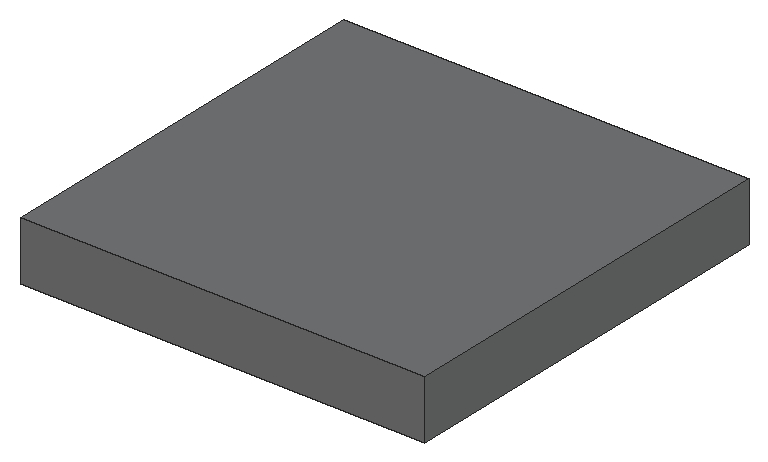
Revit family "Gira_0285005", category Electrical Fixtures, host Face, Revit 2017
Family settings
  Host = Face
  Maintain Annotation Orientation = No
  Round Connector Dimension = Use Diameter
  Part Type = Normal
  Cut with Voids When Loaded = No
  Shared = No
  Room Calculation Point = No
Parameters (values of type "Wippe Symb. Licht System 55 Schwarz m")
  Werkstoffgüte = "Thermoplast"
  Werkstoff = "Kunststoff"
  Verwendung = "Schalter/Taster"
  URL = "http://katalog.gira.de/de_DE/datenblatt.html?artikelnr=0285005"
  Region = "DE"
  Oberfläche = "sonstige"
  Name = "Wippe Symb. Licht System 55 Schwarz m"
  Mit austauschbarer Linse/Symbol = "No"
  Mit Beschriftungsfeld = "No"
  Manufacturer URL = "https://www.gira.de/"
  Kontrollfenster/Lichtauslass = "No"
  Keynote = "Sys55_Abdeckung_Schalten und Tasten"
  HeinzeBIM = "https://bimportal.heinze.de/bim/wippe-symb-licht-system-55-schwarz-m/ef81ffb1eeaf3015b0cc95e320194e1ff9076dbe"
  Halogenfrei = "Yes"
  HAN = "0285005"
  Geeignet für Schutzart (IP) = "IP20"
  Geeignet für Bussystem-Tasterankopplung = "No"
  GTIN = "4010337038276"
  Farbe = "schwarz"
  Default Elevation = 1219.2 mm
  Data sheet (1) = "https://katalog.gira.de/de_DE/download.html?artikelnr=0285005"
  Category = "Abdeckung/Bedienelement für Installationsschalterprogramme"
  Befestigungsart = "Klemmbefestigung"
  Available = "Yes"
  Ausführung der Oberfläche = "matt"
  Ausführung = "einteilige Wippe"
  Aufdruck/Kennzeichnung = "Symbol \"Licht\""
  Anthrazit [instance] = Anthrazit
  Abtastbares Symbol/barrierefrei = "No"
Reference planes
  plane 1 "Center (Front/Back)": y = 0
  plane 2: z = 0
  plane 3 "Center (Left/Right)": x = 0
Forms (mm)
  Extrusion 1, solid, material "Anthrazit" <- "Anthrazit", detail levels fine
    sketch origin (0, 0, 0) x (1, 0, 0) y (0, 1, 0)
      loop
        line (-27.5, 27.5) -> (-27.5, -27.5) -> (27.5, -27.5) -> (27.5, 27.5) -> (-27.5, 27.5)
    from 0 to 8
  Extrusion 2, void
    sketch origin (0, 0, 0) x (1, 0, 0) y (0, 1, 0)
      loop
        line (26, 26) -> (-26, 26) -> (-26, -26) -> (26, -26) -> (26, 26)
    from 0 to 6
  Extrusion 3, solid, material "Anthrazit" <- "Anthrazit", detail levels medium
    sketch origin (0, 0, 0) x (1, 0, 0) y (0, 1, 0)
      loop
        line (-27.5, 27.5) -> (-27.5, -27.5) -> (27.5, -27.5) -> (27.5, 27.5) -> (-27.5, 27.5)
    from 0 to 8
  Extrusion 4, solid, material "Anthrazit" <- "Anthrazit", detail levels medium
    sketch origin (0, 0, 0) x (1, 0, 0) y (0, 1, 0)
      loop
        line (11, -17.5) -> (11, 17.5) -> (-11, 17.5) -> (-11, -17.5) -> (11, -17.5)
    from -6 to 6
  Extrusion 5, solid, material "Anthrazit" <- "Anthrazit", detail levels fine
    sketch origin (0, 0, 0) x (1, 0, 0) y (0, 1, 0)
      loop
        line (11, 17.5) -> (-11, 17.5) -> (-11, 16.5) -> (11, 16.5) -> (11, 17.5)
      loop
        line (-11, -16.5) -> (-11, -17.5) -> (11, -17.5) -> (11, -16.5) -> (-11, -16.5)
    from -4 to 6
  Extrusion 6, solid, material "Anthrazit" <- "Anthrazit", detail levels fine
    sketch origin (0, 0, 0) x (1, 0, 0) y (0, 1, 0)
      loop
        arc (5, 9.347) -> (0, 10.6) -> (-5, 9.347) r 10.6
        line (-5, 9.347) -> (-5, -9.347)
        arc (-5, -9.347) -> (0, -10.6) -> (5, -9.347) r 10.6
        line (5, -9.347) -> (5, 9.347)
    from -6 to 6
  Extrusion 7, solid, material "Anthrazit" <- "Anthrazit", detail levels coarse
    sketch origin (0, 0, 0) x (1, 0, 0) y (0, 1, 0)
      loop
        line (-27.5, 27.5) -> (-27.5, -27.5) -> (27.5, -27.5) -> (27.5, 27.5) -> (-27.5, 27.5)
    from -6 to 8
Cuts and joins
  Extrusion 2 cuts Extrusion 1
Dimensions and locks
  aligned and locked: plane 2 to host face
  aligned and locked: level to host face
